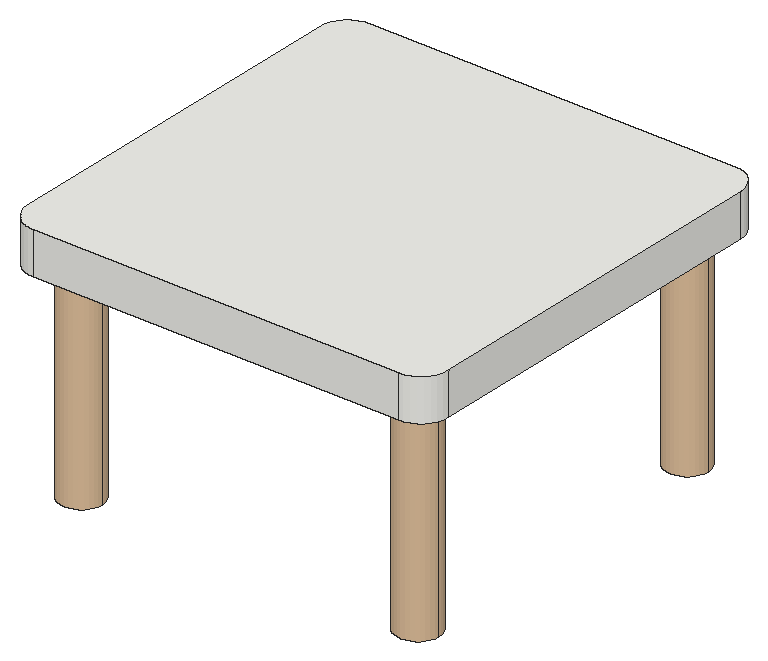
Revit family
Parameters (values of type "0762 x 0762mm")
  베이스 재료 = 목재 - 자작나무
  높이 = 457.00 mm
  길이 = 762.00 mm
  상단 재료 = 래미네이티드 플라스틱 - 아이보리색, 무광
  폭 = 762.00 mm
Types (4, lengths in mm): name | 높이 | 길이 | 폭
  (no name) | 457.00 | 762.00 | 762.00
  0610 x 0160mm | 762.00 | 610.00 | 610.00
  0762 x 0762mm | 457.00 | 762.00 | 762.00
  0610 x 0915mm | 762.00 | 610.00 | 915.00
Reference planes
  plane 1: y = 152.4
  plane 2: z = 0
  plane 3 "왼쪽": x = 3.734
  plane 4 "오른쪽": x = 765.734
  plane 5 "뒤로": y = 533.4
  plane 6 "앞면": y = -228.6
  plane 7: x = 384.734
Forms (mm)
  Extrusion 1, solid, material "래미네이티드 플라스틱 - 아이보리색, 무광" <- "상단 재료"
    sketch origin (0, 0, 0) x (1, 0, 0) y (0, 1, 0)
      loop
        line (54.534, -228.6) -> (714.934, -228.6)
        arc (714.934, -228.6) -> (750.855, -213.721) -> (765.734, -177.8) r 50.8
        line (765.734, -177.8) -> (765.734, 482.6)
        arc (765.734, 482.6) -> (750.855, 518.521) -> (714.934, 533.4) r 50.8
        line (714.934, 533.4) -> (54.534, 533.4)
        arc (54.534, 533.4) -> (18.613, 518.521) -> (3.734, 482.6) r 50.8
        line (3.734, 482.6) -> (3.734, -177.8)
        arc (3.734, -177.8) -> (18.613, -213.721) -> (54.534, -228.6) r 50.8
    from 380.8 to 457
  Extrusion 2, solid, material "목재 - 자작나무" <- "베이스 재료"
    sketch origin (0, 0, 0) x (1, 0, 0) y (0, 1, 0)
      loop
        circle (79.934, 457.2) r 38.1
      loop
        circle (79.934, -152.4) r 38.1
      loop
        circle (689.534, -152.4) r 38.1
      loop
        circle (689.534, 457.2) r 38.1
    from 0 to 380.8
Lines and regions (mm)
  Masking region 1
    outline origin (0, 0, 0) x (1, 0, 0) y (0, 1, 0)
      loop
        arc (54.534, 533.4) -> (18.613, 518.521) -> (3.734, 482.6) r 50.8
        line (3.734, 482.6) -> (3.734, -177.8)
        arc (3.734, -177.8) -> (18.613, -213.721) -> (54.534, -228.6) r 50.8
        line (54.534, -228.6) -> (714.934, -228.6)
        arc (714.934, -228.6) -> (750.855, -213.721) -> (765.734, -177.8) r 50.8
        line (765.734, -177.8) -> (765.734, 482.6)
        arc (765.734, 482.6) -> (750.855, 518.521) -> (714.934, 533.4) r 50.8
        line (714.934, 533.4) -> (54.534, 533.4)
Dimensions and locks
  locked: Extrusion 1 to Extrusion 1 at 76.2
  "높이": Extrusion 1 to plane 2
  locked: Extrusion 1 to Extrusion 2 sketch curve at 76.2  (x8)
  "폭": plane 5 "뒤로" to plane 6 "앞면"
  "길이": plane 3 "왼쪽" to plane 4 "오른쪽"
  equal spacing: plane 5 "뒤로", plane 1, plane 6 "앞면"
  equal spacing: plane 3 "왼쪽", plane 7, plane 4 "오른쪽"
  radius of Extrusion 1 sketch curve = 50.80 mm  (x4)
  aligned and locked: plane 2 to level
  aligned and locked: plane 6 "앞면" to Extrusion 1 sketch curve
  aligned and locked: Extrusion 2 to Extrusion 1
  aligned and locked: Masking region 1 sketch curve to plane 5 "뒤로"
  aligned and locked: plane 3 "왼쪽" to Masking region 1 sketch curve
  aligned and locked: plane 4 "오른쪽" to Masking region 1 sketch curve
  aligned and locked: Masking region 1 sketch curve to plane 6 "앞면"
  aligned: Masking region 1 sketch curve to Extrusion 1
Automatic sketch dimensions
  Extrusion 2 sketch curve to Extrusion 2 sketch curve = 38.10 mm  (x4)
  Extrusion 1 sketch curve to plane 3 "왼쪽" = 0.00 mm
  Extrusion 1 sketch curve to plane 4 "오른쪽" = 0.00 mm
  Extrusion 1 sketch curve to plane 5 "뒤로" = 0.00 mm
  plane 3 "왼쪽" to Masking region 1 sketch curve = 50.80 mm  (x2)
  plane 4 "오른쪽" to Masking region 1 sketch curve = 50.80 mm  (x2)
